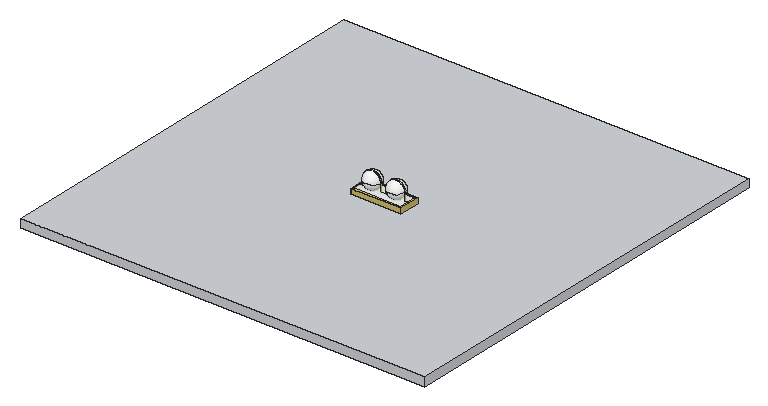
Revit family "P300311-012-30", category Lighting Fixtures, host Face, Revit 2014
Parameters (values of type "P300311-012-30")
  Watts = 13 W
  Wattage Comments = "13W"
  Warranty = "5 year Warranty"  # constant formula
  Voltage = 120 V
  URL = "https://www.hubbell.com/progresslighting/en"
  Product Link = "https://www.hubbell.com/progresslighting/en/Products/Lighting-Controls/Residential-Indoor-Lighting/LED/Pearl-LED-Collection-Two-Light-Satin-Brass-and-Opal-Glass-Modern-Style-Bath-Vanity-Wall-Light/p/6668803"
  Product Documentation Link = "https://hubbellcdn.com/specsheet/PROG_P300311-012-30_spec.pdf"
  Power Factor = 1
  Model = "P300311-012-30"  # constant formula
  Manufacturer = "Progress Lighting"  # constant formula
  Load Classification = Lighting
  Gold = Hubbell - Gold
  Glass = Paint - Hubbell - White Texture
  Lamp = "LED"  # constant formula
  Housing Material = Hubbell - White Glass
  Fixture distribution = "Direct"  # constant formula
  Features = "Application: Combine elements of simple geometry with the Pearl LED Collection 2-Light Satin Brass Opal Glass LED Modern Bath Vanity Light ideal for any entryway, hallway, foyer, bedroom, sitting room, living room, or bathroom.\r\nStyle: Perfect for contemporary and modern style settings.\r\nFinish: A rectangular frame and rounded metal bands combine in an elegant, streamlined design coated in a golden satin brass finish with a reflective polished chrome backplate.\r\nMaterials: Constructed from steel to ensure a long product lifespan. Mount the wall light horizontally or vertically.\r\nGlass/Shade: Light sources illuminate opal glass shades that add an extra dimension to the design's modern aesthetic.\r\nBulbs: For ideal illumination, 2 integrated LED modules are included (13w). 3000K. 90CRI. 812 delivered lumens. Dimmable.\r\nDimensions: Measures 12-inch length by 5-inch height by 5-1/2-inch depth.\r\nCertifications: cETLus damp location listed, meets California Title 24 JA8-2019.\r\nPairs With: Pairs with a variety of Progress Lighting fixtures.\r\nWarranty: Our 5-Year Limited Warranty guarantees your complete satisfaction with your purchase and includes professional after-sales customer service support."  # constant formula
  Description = "Pearl LED Collection Two-Light Satin Brass and Opal Glass Modern Style Bath Vanity Wall Light"  # constant formula
  Default Elevation = 48.00"
  Copyright = " ©2021 Progress Lighting, a division of Hubbell Lighting, Inc"  # constant formula
  Contact = "https://www.hubbell.com/progresslighting/en/contactUs"
  Connector Description = "Lighting Connector"  # constant formula
  Assembly Code = "D5020200"
  Apparent Load = Watts / Power Factor  # 13 VA
Reference planes (in)
  plane 1 "Center (Front/Back)": y = 0
  plane 2: z = 0
  plane 3 "Center (Left/Right)": x = 0
  plane 4: y = -2.5
  plane 5: y = 2.5
  plane 6: x = 6.02344
  plane 7: x = -6.02344
  plane 8: z = 10.50759
  plane 9: z = 6.1811
Forms (in)
  Extrusion 1, solid
    sketch origin (0, 0, 0) x (1, 0, 0) y (0, 1, 0)
      loop
        line (-48, 48) -> (-48, -48) -> (48, -48) -> (48, 48) -> (-48, 48)
    from 0 to -2
  Extrusion 2, solid, material "Paint - Hubbell - White Texture" <- "Glass"
    sketch origin (0, 0, 0) x (1, 0, 0) y (0, 1, 0)
      loop
        line (-5.94117, 2.41773) -> (-5.94117, -2.41773) -> (5.94117, -2.41773) -> (5.94117, 2.41773) -> (-5.94117, 2.41773)
    from 0 to 1.1016
  Revolve 3, solid, material "Hubbell - White Glass" <- "Housing Material"
    sketch origin (0.1875, 0, 3) x (-1, 0, 0) y (0, -1, 0)
      loop
        arc (3.02344, -2) -> (5.02344, 0) -> (3.02344, 2) r 2
        line (3.02344, 2) -> (3.02344, -2)
      axis (3.02344, -2) -> (3.02344, 2)
    angle from 0 to 360
  Revolve 4, solid, material "Hubbell - White Glass" <- "Housing Material"
    sketch origin (-0.125, 0, 3) x (1, 0, 0) y (0, 1, 0)
      loop
        line (3.02344, 2) -> (3.02344, -2)
        arc (3.02344, -2) -> (5.02344, 0) -> (3.02344, 2) r 2
      axis (3.02344, 2) -> (3.02344, -2)
    angle from 0 to 360
  Sweep 5, solid, material "Hubbell - Gold" <- "Gold"
    path origin (0, 0, -0.07031) x (1, 0, 0) y (0, 0, 1)
      loop
        line (-5.85597, 1.1516) -> (-4.85597, 1.1516) -> (-4.85597, 3.02869)
        arc (-4.85597, 3.02869) -> (-2.84597, 5.03869) -> (-0.83597, 3.02869) r 2.01
        line (-0.83597, 3.02869) -> (-0.83597, 1.1516) -> (0.83597, 1.1516) -> (0.83597, 3.02869)
        arc (0.83597, 3.02869) -> (2.84597, 5.03869) -> (4.85597, 3.02869) r 2.01
        line (4.85597, 3.02869) -> (4.85597, 1.1516) -> (5.85597, 1.1516)
    profile origin (-5.35597, 0, 1.08129) x (0, 0, 1) y (0, -1, 0)
      loop
        line (0, -0.09998) -> (0.05654, -0.09998) -> (0.05654, 0.10002) -> (0, 0.10002) -> (0, -0.09998)
  Sweep 6, solid, material "Hubbell - Gold" <- "Gold"
    path origin (0, 0, 0) x (1, 0, 0) y (0, 1, 0)
      loop
        line (-6.02344, 2.5) -> (-6.02344, -2.5) -> (6.02344, -2.5) -> (6.02344, 2.5) -> (-6.02344, 2.5)
    profile origin (0, 2.5, 0) x (0, 1, 0) y (0, 0, 1)
      loop
        line (0, 0) -> (0, 1.1516) -> (-0.5, 1.1516) -> (-0.5, 1.1016) -> (-0.08227, 1.1016) -> (-0.08227, 0) -> (0, 0)
Dimensions and locks (in)
  equal spacing: plane 4, plane 1 "Center (Front/Back)", plane 5
  plane 4 to plane 5 = 5.00"
  plane 6 to plane 7 = 12.04687"  (x2)
  equal spacing: plane 6, plane 3 "Center (Left/Right)", plane 7
  plane 7 to plane 6 = 12.04688"
  equal spacing: plane 7, plane 3 "Center (Left/Right)", plane 6
  aligned and locked: plane 2 to Extrusion 1
Automatic sketch dimensions
  Extrusion 1 sketch curve to Extrusion 1 sketch curve = 96.00"  (x2)
  Extrusion 2 sketch curve to plane 4 = 0.08227"
  plane 7 to Extrusion 2 sketch curve = 0.08227"
  Extrusion 2 sketch curve to plane 6 = 0.08227"
  plane 5 to Extrusion 2 sketch curve = 0.08227"
  plane 1 "Center (Front/Back)" to Revolve 3 sketch curve = 0.00"
  plane 5 to Revolve 3 sketch curve = 0.00"
  plane 7 to Revolve 3 sketch curve = 3.1875"  (x2)
  plane 5 to Revolve 3 sketch curve = 0.50"
  plane 4 to Revolve 3 sketch curve = 2.75"
  plane 1 "Center (Front/Back)" to Revolve 4 sketch curve = 0.00"
  plane 5 to Revolve 4 sketch curve = 0.00"
  Revolve 4 sketch curve to plane 6 = 3.125"  (x2)
  Revolve 4 sketch curve to plane 4 = 0.50"
  plane 4 to Revolve 4 sketch curve = 2.75"
  plane 7 to Sweep 5 sketch curve = 0.16747"
  Sweep 5 sketch curve to plane 6 = 0.16747"
  plane 7 to Sweep 5 sketch curve = 1.16747"
  Sweep 5 sketch curve to Sweep 5 sketch curve = 2.01"  (x2)
  plane 3 "Center (Left/Right)" to Sweep 5 sketch curve = 0.83597"
  level to Sweep 5 sketch curve = 1.08129"  (x3)
  Sweep 5 sketch curve to Sweep 5 sketch curve = 1.87709"
  Sweep 5 sketch curve to Sweep 5 sketch curve = 0.00"
  profile plane to Sweep 5 sketch curve = 0.00"
  Sweep 5 sketch curve to profile plane = 0.05654"
  Sweep 5 sketch curve to plane 1 "Center (Front/Back)" = 0.09998"
  plane 1 "Center (Front/Back)" to Sweep 5 sketch curve = 0.10002"
  plane 4 to Sweep 6 sketch curve = 0.00"
  Sweep 6 sketch curve to plane 7 = 0.00"
  Sweep 6 sketch curve to plane 6 = 0.00"
  plane 5 to Sweep 6 sketch curve = 0.00"
  Sweep 6 sketch curve to level = 0.00"
  Sweep 6 sketch curve to profile plane = 0.00"
  profile plane to Sweep 6 sketch curve = 0.08227"
  Sweep 6 sketch curve to Sweep 6 sketch curve = 0.41773"
  level to Sweep 6 sketch curve = 1.1016"
  Sweep 6 sketch curve to Sweep 6 sketch curve = 0.05"
Nested families (in)
  nested 1: "Light Source" at (-2.84597, 0.09998, 5.5), type "Light Source"
  nested 2: "Light Source" at (2.15403, 0.09998, 5.5), type "Light Source"
Connectors (in)
  electrical at (0, 0, 0), driven by "Connector Description", driven by "Power Factor", driven by "Apparent Load", driven by "Voltage"
    settings: on Sweep 6, index 1, voltage 120 V, apparent load 13 VA, apparent load phase1 0 VA, apparent load phase2 0 VA, apparent load phase3 0 VA, power factor 1, load classification "Other", number of poles 1, system type 30, power factor state 1, is connector primary yes, connector utility no, sub classification motor no, connector description "Lighting Connector"
Definition of nested family "Light Source"
  Parameters (values of type "Light Source")
    Wattage = 13 W
    built-in parameter 1150110 = 1 (stored number, unit not read)
    built-in parameter 1114217 = 1 (stored number, unit not read)
    Tilt Angle = 60.00°
    built-in parameter 1150109 = 1 (stored number, unit not read)
    built-in parameter 1150134 = 3
    built-in parameter 1150113 = 1 (stored number, unit not read)
    Photometric Web File = "generic"
    built-in parameter 1150142 = (empty or 0)
    built-in parameter 1150105 = 71.381 (stored number, unit not read)
    Lumens = 897 lm
    built-in parameter 1150115 = 1 (stored number, unit not read)
    built-in parameter 1150137 = (empty or 0)
    built-in parameter 1150139 = (empty or 0)
    built-in parameter 1150112 = 1 (stored number, unit not read)
    built-in parameter 1150114 = 1 (stored number, unit not read)
    built-in parameter 1150132 = (empty or 0)
    built-in parameter 1150102 = (empty or 0)
    built-in parameter 1150107 = 3200 (stored number, unit not read)
    built-in parameter 1150138 = (empty or 0)
    built-in parameter 1150106 = 0.71381 (stored number, unit not read)
    built-in parameter 1150104 = 6.4103 (stored number, unit not read)
    Dimming Lamp Color Temperature Shift = (empty or 0)
    Color Filter = 16777215
    built-in parameter 1114218 = 1 (stored number, unit not read)
    built-in parameter 1150133 = 10 (stored number, unit not read)
  Reference planes (in)
    plane 1 "Center (Front/Back)": y = 0
    plane 2: z = 0
    plane 3 "Center (Left/Right)": x = 0
  Dimensions and locks (in)
    aligned and locked: level to plane 2
